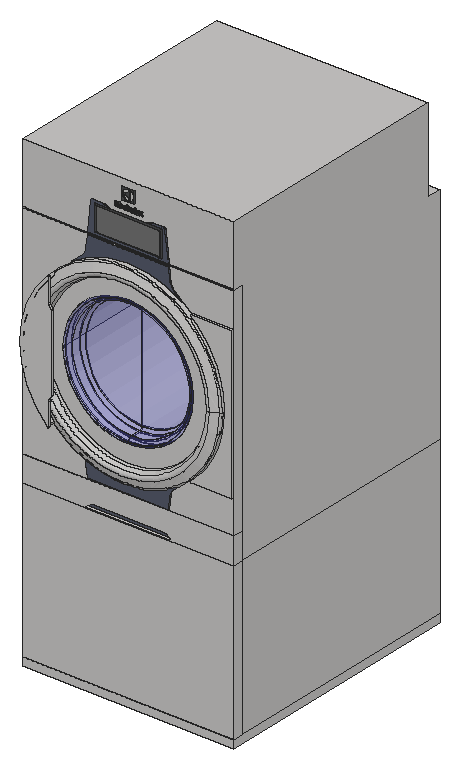
Revit family "QF_ELECTROLUXPROFESSIONAL_1L059Y_TD6-14_G", category Attrezzature speciali, Revit 2021
Family settings
  Quota connettore circolare = Usa diametro
  Tipo di parte = Normale
  Basato su piano di lavoro = No
  Sempre verticale = Sì
  Taglio con vuoti quando caricato = No
  Condiviso = No
  Punto di calcolo locali = No
Parameters (values of type "9873730116")
  Weight = 222
  Watts = 1200 W
  Volts = 230 V
  URL = "www.electroluxprofessional.com"
  Steam Pounds per Hour = 0
  Show Logo [instance] = yes
  Show Clearance [instance] = yes
  Sensible Heat Output = "0.0"
  Prospetto di default = 0 mm
  Produttore = "Electrolux Professional"
  Phase = 1
  Modello = "TD6-14"
  Length Actual = 790 mm
  Latent Heat Output = "0.0"
  Item Number = "1LSNSC"
  Height Actual = 1771 mm
  Gas KW = 13.5
  Descrizione = "TUMBLE DRYER TD6-14 14KG SST DRUM GAS 13,5KW 230/50/1N COMPASS PRO 6L80 EU SILVER DO.RIGHT"
  Depth Actual = 965 mm
  Cycle = 50 Hz
  Corrente [instance] = "5.2"
Types (37, lengths in mm): name | Watts | Volts | Phase | Item Number | Gas KW | Descrizione | Cycle | Corrente
  (no name) | 1200 W | 230 V | 1 | "1LSNSC" | 13.5 | "TUMBLE DRYER TD6-14 14KG SST DRUM GAS 13,5KW 230/50/1N COMPASS PRO 6L80 EU SILVER DO.RIGHT" | 50 Hz | "5.2"
  9873730032 | 1000 W | 400 V | 3 | "1L0EDB" | 13.5 | "TUMBLE DRYER TD6-14 14KG SST DRUM GAS 13,5KW 400/50/3 COMPASS PRO 6G82 EU SILVER DO.RIGHT STOP DISCON." | 50 Hz | "1.4"
  9873730150 | 1000 W | 400 V | 3 | "1LSPA5" | 13.5 | "TUMBLE DRYER TD6-14 14KG SST DRUM GAS 13,5KW 400/50/3N COMPASS PRO 6G81 EU SILVER DO.RIGHT MB STOP DISCON." | 50 Hz | "1.4"
  9873730198 | 1200 W | 220 V | 1 | "1L0H79" | 0 | "TUMBLE DRYER TD6-14 14KG GALVA.DRUM GAS 13,5KW 220/60/1N COMPASS PRO 6L80 EU SILVER DO.LEFT" | 60 Hz | "0.0"
  9873730120 | 1200 W | 240 V | 1 | "1LSNV5" | 13.5 | "TUMBLE DRYER TD6-14 14KG GALVA.DRUM GAS 13,5KW 240/60/1N COMPASS PRO 6G82 EU SILVER DO.RIGHT STOP DISCON." | 60 Hz | "5.0"
  9873730158 | 1000 W | 400 V | 3 | "1L82DG" | 0 | "TUMBLE DRYER TD6-14 14KG GALVA.DRUM GAS 13,5KW 400/50/3N COMPASS PRO 6L80 EU SILVER DO.RIGHT.INS. EXT.PM. 2.I/O" | 50 Hz | "0.0"
  9873730108 | 1000 W | 400 V | 3 | "1LSNPR" | 13.5 | "TUMBLE DRYER TD6-14 14KG GALVA.DRUM GAS 13,5KW 400/50/3 COMPASS PRO 6G82 EU SILVER DO.RIGHT STOP DISCON." | 50 Hz | "1.4"
  9873730069 | 1000 W | 400 V | 3 | "1LSN41" | 13.5 | "TUMBLE DRYER TD6-14 14KG SST DRUM GAS 13,5KW 400/50/3 COMPASS PRO 6L80 EU SILVER DO.RIGHT EXT.PM. DISCON. 2.I/O" | 50 Hz | "1.4"
  9873730155 | 1000 W | 400 V | 3 | "1LSPAA" | 13.5 | "TUMBLE DRYER TD6-14 14KG SST DRUM GAS 13,5KW 400/50/3N COMPASS PRO 6L80 EU SILVER DO.RIGHT EXT.PM. DISCON. 2.I/O" | 50 Hz | "1.4"
  9873730175 | 1000 W | 220 V | 3 | "1L826B" | 13.5 | "TUMBLE DRYER TD6-14 14KG GALVA.DRUM GAS 13,5KW 220/60/3 COMPASS PRO 6G81 EU SILVER DO.LEFT.INS. MB STOP DISCON." | 60 Hz | "2.6"
  9873730115 | 1000 W | 400 V | 3 | "1LSNSB" | 13.5 | "TUMBLE DRYER TD6-14 14KG GALVA.DRUM GAS 13,5KW 400/50/3 COMPASS PRO 6L80 EU SILVER DO.RIGHT" | 50 Hz | "1.4"
  9873730152 | 1000 W | 400 V | 3 | "1LSPA7" | 13.5 | "TUMBLE DRYER TD6-14 14KG GALVA.DRUM GAS 13,5KW 400/50/3N COMPASS PRO 6G81 EU SILVER DO.RIGHT.INS. MB STOP DISCON." | 50 Hz | "1.4"
  9873730014 | 1000 W | 400 V | 3 | "1L0E92" | 13.5 | "TUMBLE DRYER TD6-14 14KG GALVA.DRUM GAS 13,5KW 400/50/3 COMPASS PRO 6G81 EU SILVER DO.RIGHT.INS. MB STOP DISCON." | 50 Hz | "1.4"
  9873730024 | 1000 W | 400 V | 3 | "1LSN2L" | 13.5 | "TUMBLE DRYER TD6-14 14KG GALVA.DRUM GAS 13,5KW 400/50/3 COMPASS PRO 6G81 EU SILVER DO.RIGHT MB STOP DISCON." | 50 Hz | "1.4"
  9873730083 | 1000 W | 400 V | 3 | "1LSN57" | 13.5 | "TUMBLE DRYER TD6-14 14KG GALVA.DRUM GAS 13,5KW 400/50/3N COMPASS PRO 6G81 EU SILVER DO.RIGHT MB STOP DISCON." | 50 Hz | "1.4"
  9873730013 | 1000 W | 400 V | 3 | "1L0E91" | 13.5 | "TUMBLE DRYER TD6-14 14KG GALVA.DRUM GAS 13,5KW 400/50/3 COMPASS PRO 6L80 EU SILVER DO.RIGHT.INS. EXT.PM. 2.I/O" | 50 Hz | "1.4"
  9873730200 | 1000 W | 200 V | 3 | "1L0H7S" | 0 | "TUMBLE DRYER TD6-14 14KG SST DRUM GPL 13,5KW 200/50/3 COMPASS PRO 6G86 JP SILVER DO.RIGHT DISCON." | 50 Hz | "0.0"
  9873730033 | 1000 W | 400 V | 3 | "1L0EDC" | 13.5 | "TUMBLE DRYER TD6-14 14KG SST DRUM GAS 13,5KW 400/50/3 COMPASS PRO 6G81 EU SILVER DO.RIGHT MB STOP DISCON." | 50 Hz | "1.4"
  9873730197 | 1000 W | 200 V | 3 | "1LT5ZE" | 0 | "TUMBLE DRYER TD6-14 14KG SST DRUM GPL 13,5KW 200/60/3 COMPASS PRO 6G86 JP SILVER DO.RIGHT DISCON." | 60 Hz | "0.0"
  9873730107 | 1200 W | 230 V | 1 | "1LSNJN" | 13.5 | "TUMBLE DRYER TD6-14 14KG GALVA.DRUM GAS 13,5KW 230/50/1N COMPASS PRO 6G82 EU SILVER DO.RIGHT STOP DISCON." | 50 Hz | "5.2"
  9873730086 | 1000 W | 400 V | 3 | "1L8216" | 13.5 | "TUMBLE DRYER TD6-14 14KG GALVA.DRUM GAS 13,5KW 400/50/3 COMPASS PRO 6L80 EU SILVER DO.RIGHT EXT.PM. DISCON. 2.I/O" | 50 Hz | "1.4"
  9873730036 | 1000 W | 415 V | 3 | "1L0EDR" | 13.5 | "TUMBLE DRYER TD6-14 14KG GALVA.DRUM GAS 13,5KW 415/50/3N COMPASS PRO 6G82 EU SILVER DO.LEFT STOP DISCON." | 50 Hz | "1.4"
  9873730085 | 1000 W | 400 V | 3 | "1LSN61" | 13.5 | "TUMBLE DRYER TD6-14 14KG GALVA.DRUM GAS 13,5KW 400/50/3N COMPASS PRO 6G81 EU SILVER DO.RIGHT.INS. ELS-NETW. MB STOP DISC" | 50 Hz | "1.4"
  9873730151 | 1000 W | 400 V | 3 | "1LSPA6" | 13.5 | "TUMBLE DRYER TD6-14 14KG SST DRUM GAS 13,5KW 400/50/3N COMPASS PRO 6G82 EU SILVER DO.RIGHT STOP DISCON." | 50 Hz | "1.4"
  9873730055 | 1000 W | 230 V | 1 | "1L80DU" | 13.5 | "TUMBLE DRYER TD6-14 14KG GALVA.DRUM GAS 13,5KW 230/50/1N COMPASS PRO 6G81 EU SILVER DO.RIGHT MB STOP DISCON." | 50 Hz | "5.2"
  9873730121 | 1200 W | 240 V | 1 | "1LSNV6" | 13.5 | "TUMBLE DRYER TD6-14 14KG GALVA.DRUM GAS 13,5KW 240/60/1N COMPASS PRO 6G81 EU SILVER DO.RIGHT MB STOP DISCON." | 60 Hz | "5.0"
  9873730090 | 1200 W | 230 V | 1 | "1LSN8J" | 13.5 | "TUMBLE DRYER TD6-14 14KG GALVA.DRUM GAS 13,5KW 230/50/1N COMPASS PRO 6L80 EU SILVER DO.RIGHT EXT.PM. DISCON. 2.I/O" | 50 Hz | "5.2"
  9873730035 | 1000 W | 415 V | 3 | "1L0EDD" | 13.5 | "TUMBLE DRYER TD6-14 14KG SST DRUM GAS 13,5KW 380-415/50/3N COMPASS PRO 6L80 EU SILVER DO.RIGHT DISCON." | 50 Hz | "1.5"
  9873730189 | 1200 W | 220 V | 1 | "1LSPPU" | 0 | "TUMBLE DRYER TD6-14 14KG GALVA.DRUM GAS 13,5KW 220/60/1N COMPASS PRO 6G82 EU SILVER DO.RIGHT STOP DISCON. EXT.CONN." | 60 Hz | "0.0"
  9873730149 | 1000 W | 400 V | 3 | "1LSPA4" | 13.5 | "TUMBLE DRYER TD6-14 14KG GALVA.DRUM GAS 13,5KW 400/50/3N COMPASS PRO 6G82 EU SILVER DO.RIGHT STOP DISCON." | 50 Hz | "1.4"
  9873730060 | 1200 W | 230 V | 1 | "1L80E4" | 13.5 | "TUMBLE DRYER TD6-14 14KG SST DRUM GAS 13,5KW 230/50/1N COMPASS PRO 6G82 EU SILVER DO.RIGHT STOP DISCON." | 50 Hz | "5.2"
  9873730211 | 1000 W | 400 V | 3 | "1L82DL" | 0 | "TUMBLE DRYER TD6-14 14KG SST DRUM GAS 13,5KW 400/50/3N COMPASS PRO 6G81 EU SST/SILVER DO.RIGHT MB STOP DISCON." | 50 Hz | "0.0"
  9873730196 | 1000 W | 220 V | 3 | "1LSPR0" | 0 | "TUMBLE DRYER TD6-14 14KG GALVA.DRUM GAS 13,5KW 220/60/3 COMPASS PRO 6G82 EU SILVER DO.LEFT STOP DISCON. EXT.CONN." | 60 Hz | "0.0"
  9873730176 | 1000 W | 480 V | 3 | "1L826K" | 13.5 | "TUMBLE DRYER TD6-14 14KG GALVA.DRUM GAS 13,5KW 480/60/3 COMPASS PRO 6G81 EU SILVER DO.LEFT.INS. MB STOP DISCON." | 60 Hz | "1.2"
  9873730183 | 1000 W | 415 V | 3 | "1L0GZ1" | 13.5 | "TUMBLE DRYER TD6-14 14KG SST DRUM GAS 13,5KW 380-415/60/3 COMPASS PRO 6G82 EU SST DO.RIGHT DSC STOP DISCON." | 60 Hz | "1.5"
  9873730087 | 1000 W | 240 V | 1 | "1L0EKZ" | 13.5 | "TUMBLE DRYER TD6-14 14KG GALVA.DRUM GAS 13,5KW 208-240/60/1 COMPASS PRO 6G82 EU SILVER DO.LEFT STOP DISCON." | 60 Hz | "4.8"
  9873730116 | 1200 W | 230 V | 1 | "1LSNSC" | 13.5 | "TUMBLE DRYER TD6-14 14KG SST DRUM GAS 13,5KW 230/50/1N COMPASS PRO 6L80 EU SILVER DO.RIGHT" | 50 Hz | "5.2"
Reference planes
  plane 1: z = 0
  plane 2 "BACK": y = 414.5
  plane 3 "FRONT": y = -549.5
  plane 4 "LEFT": x = -799
  plane 5 "RIGHT": x = -6
  plane 6 "TOP": z = 1771
  plane 7: y = -601.5
  plane 8: y = -1323.5
Forms (mm)
  Extrusion 1, solid, material "QF_Finishes_Stainless Steel"
    sketch origin (718.1, -398.1, 598.796) x (0, 0, -1) y (0, 1, 0)
      loop
        line (-14.704, 812.6) -> (-855.66, 812.6) -> (-855.66, 756.6) -> (-941.204, 756.6) -> (-941.204, -115.453) -> (-14.704, -115.453) -> (-14.704, 812.6)
    from -1517.1 to -724.1
  Extrusion 2, solid, material "QF_Finishes_Stainless Steel"
    sketch origin (718.1, -368.1, 598.796) x (0, 0, -1) y (0, 1, 0)
      loop
        line (568.796, -145.453) -> (568.796, 782.6) -> (-14.704, 782.6) -> (-14.704, -145.453) -> (568.796, -145.453)
    from -1517.1 to -724.1
  Sweep 3, solid, material "QF_Finishes_Black"
    path origin (686.327, -549.5, 1684.42) x (0, 0, -1) y (1, 0, 0)
      loop
        line (131.445, -962.809) -> (32.707, -962.809) -> (32.707, -1214.809) -> (131.445, -1214.809) -> (131.445, -962.809)
    profile origin (-276.482, -549.5, 1602.344) x (-1, 0, 0) y (0, -1, 0)
      loop
        line (5, 0) -> (5, 5)
        arc (5, 5) -> (1.464, 3.536) -> (0, 0) r 5
        line (0, 0) -> (5, 0)
  Extrusion 4, solid, material "QF_Finishes_Dark Grey"
    sketch origin (686.327, -549.5, 1684.42) x (0, 0, -1) y (1, 0, 0)
      loop
        line (126.445, -1209.809) -> (126.445, -967.809) -> (37.707, -967.809) -> (37.707, -1209.809) -> (126.445, -1209.809)
    from 0 to 4
  Extrusion 5, void
    sketch origin (889, -517.06, 1195.994) x (0, 0, -1) y (1, 0, 0)
      loop
        circle (69.994, -1291.5) r 245
    from -451.9 to 33.109
  Extrusion 6, solid, material "QF_Finishes_Stainless Steel"
    sketch origin (718.1, 358.5, 1540) x (0, 0, -1) y (-1, 0, 0)
      loop
        circle (43, 786.1) r 12.7
    from 0 to 5
  Extrusion 7, solid, material "QF_Finishes_Stainless Steel"
    sketch origin (653.455, 414.5, 172.018) x (0, 0, 1) y (1, 0, 0)
      loop
        circle (67.982, -1277.455) r 100
    from 0 to 5
  Extrusion 8, solid, material "QF_Finishes_Stainless Steel"
    sketch origin (-499, 0, 0) x (0, 1, 0) y (0, 0, 1)
      loop
        line (358.5, 1540) -> (358.5, 1771) -> (-549.5, 1771) -> (-549.5, 1541.816)
        arc (-549.5, 1541.816) -> (-548.968, 1540.532) -> (-547.684, 1540) r 1.816
        line (-547.684, 1540) -> (358.5, 1540)
    from -300 to 493
  Extrusion 9, solid, material "QF_Finishes_Stainless Steel"
    sketch origin (0, 0, 1114.3) x (-1, 0, 0) y (0, -1, 0)
      loop
        line (799, -414.5) -> (799, 549.5) -> (6, 549.5) -> (6, -414.5) -> (799, -414.5)
    from -1114.3 to -1084.3
  Extrusion 10, solid, material "QF_Finishes_Stainless Steel"
    sketch origin (-499, -118.96, 0) x (0, 1, 0) y (0, 0, 1)
      loop
        line (-394.593, 1540) -> (-430.54, 1540) -> (-430.54, 713.5) -> (-394.593, 713.5) -> (-394.593, 1540)
    from -300 to 493
  Extrusion 11, solid, material "QF_Finishes_Stainless Steel"
    sketch origin (-499, -118.96, 0) x (0, 1, 0) y (0, 0, 1)
      loop
        line (-430.54, 713.5) -> (-430.54, 613.5) -> (-394.593, 613.5) -> (-394.593, 713.5) -> (-430.54, 713.5)
    from -300 to 493
  Extrusion 12, solid, material "QF_Finishes_Stainless Steel"
    sketch origin (-499, -118.96, 0) x (0, 1, 0) y (0, 0, 1)
      loop
        line (-394.593, 613.5) -> (-430.54, 613.5) -> (-430.54, 30) -> (-394.593, 30) -> (-394.593, 613.5)
    from -300 to 493
  Sweep 13, solid, material "QF_Finishes_Stainless Steel"
    path origin (-409, -549.5, 1444.576) x (0, 0, -1) y (1, 0, 0)
      loop
        circle (318.576, 6.5) r 366.295
    profile origin (-402.5, -549.5, 1492.295) x (0, 0, -1) y (0, -1, 0)
      loop
        line (0, 0) -> (60.401, 0)
        arc (60.401, 0) -> (59.825, 6.814) -> (57.535, 13.257) r 26.651
        line (57.535, 13.257) -> (49.537, 28.994)
        arc (49.537, 28.994) -> (42.511, 35.32) -> (33.058, 35.302) r 13.156
        line (33.058, 35.302) -> (4.309, 24.168)
        arc (4.309, 24.168) -> (1.18, 21.691) -> (0, 17.88) r 6.744
        line (0, 17.88) -> (0, 0)
  Extrusion 14, solid, material "QF_Finishes_Stainless Steel"
    sketch origin (889, -689.525, 1195.994) x (0, 0, -1) y (1, 0, 0)
      loop
        line (353.669, -897.598) -> (-212.997, -897.549) -> (-213.01, -1046.361)
        arc (-213.01, -1046.361) -> (-212.131, -1048.481) -> (-210.011, -1049.36) r 2.999
        line (-210.011, -1049.36) -> (-204.852, -1049.36)
        arc (-204.852, -1049.36) -> (-80.8, -957.683) -> (69.994, -925.205) r 366.295
        arc (69.994, -925.205) -> (220.927, -957.746) -> (345.042, -1049.589) r 366.295
        line (345.042, -1049.589) -> (350.683, -1049.589)
        arc (350.683, -1049.589) -> (352.804, -1048.711) -> (353.682, -1046.59) r 2.999
        line (353.682, -1046.59) -> (353.669, -897.598)
    from -140.025 to -130.025
  Revolve 15, solid, material "QF_Door-Drawer Clearances", visible <- "Show Clearance", detail levels coarse
    sketch origin (889, -601.5, 1195.994) x (0, 0, -1) y (1, 0, 0)
      loop
        circle (69.994, -1291.5) r 366.295
      axis (69.994, -924.023) -> (68.994, -924.023)
    angle from 0 to -90
  Revolve 16, solid, material "QF_Finishes_Glass"
    sketch origin (-402.863, -289.313, 555.02) x (0, 1, 0) y (0, 0, 1)
      loop
        arc (-190.673, 783.338) -> (-195.066, 793.945) -> (-205.673, 798.338) r 15
        line (-205.673, 798.338) -> (-244.95, 798.338)
        arc (-244.95, 798.338) -> (-252.021, 801.267) -> (-254.95, 808.338) r 10
        line (-254.95, 808.338) -> (-254.95, 816.338) -> (-259.95, 816.338) -> (-259.95, 808.338)
        arc (-259.95, 808.338) -> (-255.556, 797.732) -> (-244.95, 793.338) r 15
        line (-244.95, 793.338) -> (-205.673, 793.338)
        arc (-205.673, 793.338) -> (-198.602, 790.409) -> (-195.673, 783.338) r 10
        line (-195.673, 783.338) -> (-195.673, 570.975) -> (-190.673, 570.975) -> (-190.673, 783.338)
      axis (-259.95, 570.975) -> (-190.673, 570.975)
    angle from 0 to 360
  Extrusion 17, solid, material "QF_Finishes_Stainless Steel"
    sketch origin (-529, -549.5, 1444.576) x (0, 0, -1) y (1, 0, 0)
      loop
        arc (176.622, -119.08) -> (174.216, -119.45) -> (172.033, -120.527) r 8
        line (172.033, -120.527) -> (158.099, -130.284)
        arc (158.099, -130.284) -> (155.934, -131.338) -> (153.554, -131.7) r 8
        line (153.554, -131.7) -> (65.736, -131.7)
        arc (65.736, -131.7) -> (63.285, -133.352) -> (63.896, -136.244) r 2.645
        arc (63.896, -136.244) -> (318.617, -239.419) -> (573.315, -136.187) r 365.919
        arc (573.315, -136.187) -> (573.918, -133.331) -> (571.497, -131.7) r 2.612
        line (571.497, -131.7) -> (483.599, -131.7)
        arc (483.599, -131.7) -> (481.193, -131.33) -> (479.01, -130.253) r 8
        line (479.01, -130.253) -> (465.119, -120.527)
        arc (465.119, -120.527) -> (462.936, -119.45) -> (460.53, -119.08) r 8
        line (460.53, -119.08) -> (176.622, -119.08)
    from 47.713 to 52
  Extrusion 18, solid, material "QF_Finishes_Stainless Steel"
    sketch origin (-529, -601.5, 1444.576) x (0, 0, -1) y (1, 0, 0)
      loop
        arc (63.896, -136.244) -> (318.617, -239.419) -> (573.315, -136.187) r 365.919
        line (573.315, -136.187) -> (563.547, -131.7)
        arc (563.547, -131.7) -> (318.584, -229.419) -> (73.616, -131.711) r 355.919
        line (73.616, -131.711) -> (63.896, -136.244)
    from -4.287 to -34.753
  Extrusion 19, void
    sketch origin (-401.334, -549.5, 611.842) x (0, 0, 1) y (1, 0, 0)
      loop
        arc (1.908, -169.725) -> (2.027, -168.962) -> (2.374, -168.272) r 2.499
        line (2.374, -168.272) -> (21.699, -140.672)
        arc (21.699, -140.672) -> (23.335, -137.382) -> (23.898, -133.751) r 11.994
        line (23.898, -133.751) -> (23.897, 130.467)
        arc (23.897, 130.467) -> (23.336, 134.095) -> (21.703, 137.383) r 11.994
        line (21.703, 137.383) -> (2.374, 164.988)
        arc (2.374, 164.988) -> (2.027, 165.678) -> (1.908, 166.441) r 2.499
        line (1.908, 166.441) -> (1.908, -169.725)
    from 0 to 13.427
  Extrusion 20, solid, material "QF_Finishes_Blue"
    sketch origin (-499, -549.5, 893.425) x (0, 0, 1) y (-1, 0, 0)
      loop
        arc (767.274, 37.584) -> (765.819, 41.099) -> (762.304, 42.555) r 4.971
        line (762.304, 42.555) -> (650.575, 54.795) -> (650.575, -247.832) -> (761.659, -235.663)
        arc (761.659, -235.663) -> (765.63, -234.018) -> (767.274, -230.047) r 5.615
        line (767.274, -230.047) -> (767.274, -186.505)
        arc (767.274, -186.505) -> (766.484, -180.953) -> (764.209, -175.828) r 20.351
        line (764.209, -175.828) -> (758.288, -166.304) -> (758.288, -222.518) -> (659.55, -222.518) -> (659.55, 29.482) -> (758.288, 29.482) -> (758.288, -26.732) -> (764.209, -17.208)
        arc (764.209, -17.208) -> (766.483, -12.086) -> (767.274, -6.538) r 20.35
        line (767.274, -6.538) -> (767.274, 37.584)
    from 0 to 1.6
  Extrusion 21, solid, material "QF_Finishes_Blue"
    sketch origin (-499, -549.5, 893.425) x (0, 0, 1) y (-1, 0, 0)
      loop
        arc (594.486, 60.933) -> (579.244, 65.533) -> (566.695, 75.331) r 43.3
        line (566.695, 75.331) -> (532.276, 114.098)
        arc (532.276, 114.098) -> (598.87, -96.026) -> (532.82, -306.322) r 366.295
        line (532.82, -306.322) -> (566.695, -268.167)
        arc (566.695, -268.167) -> (579.244, -258.37) -> (594.486, -253.77) r 43.3
        line (594.486, -253.77) -> (642.075, -248.6) -> (642.075, 55.764) -> (594.486, 60.933)
    from 0 to 1.6
  Extrusion 22, solid, material "QF_Finishes_Blue"
    sketch origin (-499, -549.5, 893.425) x (0, 0, 1) y (-1, 0, 0)
      loop
        line (-129.403, 60.926) -> (-176.925, 55.764) -> (-176.925, -248.6) -> (-129.403, -253.763)
        arc (-129.403, -253.763) -> (-114.123, -258.355) -> (-101.544, -268.169) r 43.3
        line (-101.544, -268.169) -> (-67.671, -306.321)
        arc (-67.671, -306.321) -> (-133.72, -96.026) -> (-67.127, 114.098) r 366.295
        line (-67.127, 114.098) -> (-101.544, 75.332)
        arc (-101.544, 75.332) -> (-114.123, 65.518) -> (-129.403, 60.926) r 43.3
    from 0 to 1.6
  Extrusion 23, solid, material "QF_Finishes_Stainless Steel"
    sketch origin (718.1, 358.5, 1540) x (0, 0, -1) y (-1, 0, 0)
      loop
        circle (43, 834.1) r 12.7
    from 0 to 5
Cuts and joins
  Extrusion 5 cuts Extrusion 1
  Extrusion 5 cuts Extrusion 8
  joined: Extrusion 1, Extrusion 8
  Extrusion 5 cuts Extrusion 10
  Extrusion 19 cuts Extrusion 11
  joined: Sweep 13, Extrusion 14, Extrusion 17, Extrusion 18
Lines and regions (mm)
  Split face 1
    outline origin (-6, -549.5, 1540) x (-1, 0, 0) y (0, 0, -1)
      loop
        circle (396.5, 414) r 305.895
  symbolic lines
    curve 1: line (-6, 414.5, 1771) -> (-799, 414.5, 1771)
    curve 2: line (-799, -549.5, 1771) -> (-6, -549.5, 1771)
    curve 3: line (-6, 414.5, 0) -> (-6, -549.5, 0)
    curve 4: line (-799, 414.5, 0) -> (-799, -549.5, 0)
    curve 6: line (-6, 358.5, 0) -> (-799, 358.5, 0)
  symbolic lines, style "QF_Door-Drawer Clearances", visible <- "Show Clearance"
    curve 5: line (-6, -1323.5, 0) -> (-6, -549.5, 0)
    curve 7: arc (-768.795, -549.5, 0) -> (-549.88, -1096.63, 0) -> (-6, -1323.5, 0) r 761.144
  symbolic lines, style "SpecialityEquipment"
    curve 8: line (-8.549, -559.5, 0) -> (-8.549, -549.5, 0)
    curve 9: line (-160.36, -559.5, 0) -> (-8.549, -559.5, 0)
    curve 10: line (-160.36, -549.5, 0) -> (-160.36, -559.5, 0)
    curve 11: line (-768.419, -601.5, 0) -> (-659.284, -601.5, 0)
    curve 12: line (-659.284, -597.213, 0) -> (-758.419, -597.213, 0)
    curve 13: line (-758.419, -569.602, 0) -> (-758.419, -597.213, 0)
    curve 14: line (-659.284, -597.213, 0) -> (-659.284, -601.5, 0)
    curve 15: line (-768.419, -569.602, 0) -> (-758.419, -569.602, 0)
    curve 16: line (-74.013, -585.689, 0) -> (-758.419, -585.689, 0)
    curve 17: line (-768.419, -569.602, 0) -> (-768.419, -601.5, 0)
    curve 18: line (-40.513, -573.668, 0) -> (-758.419, -573.668, 0)
    curve 19: line (-768.795, -549.5, 0) -> (-768.795, -567.38, 0)
    curve 20: arc (-768.795, -567.38, 0) -> (-768.701, -568.507, 0) -> (-768.419, -569.602, 0) r 6.744
    curve 21: line (-36.205, -559.5, 0) -> (-36.205, -567.38, 0)
    curve 22: line (-40.513, -573.668, 0) -> (-69.262, -584.802, 0)
    curve 23: arc (-36.205, -567.38, 0) -> (-37.385, -571.191, 0) -> (-40.513, -573.668, 0) r 6.744
    curve 24: arc (-74.013, -585.689, 0) -> (-71.597, -585.465, 0) -> (-69.262, -584.802, 0) r 13.156
Dimensions and locks
  plane 4 "LEFT" to plane 5 "RIGHT" = 793 mm
  plane 2 "BACK" to plane 3 "FRONT" = 964 mm
  plane 6 "TOP" to level = 1771 mm
  Extrusion 2 to Extrusion 2 = 583.5 mm
  Extrusion 6 sketch curve to plane 6 "TOP" = 274 mm
  plane 5 "RIGHT" to Extrusion 6 sketch curve = 62 mm
  Extrusion 23 sketch curve to plane 6 "TOP" = 274 mm
  plane 5 "RIGHT" to Extrusion 23 sketch curve = 110 mm
  level to Extrusion 7 sketch curve = 240 mm
  Extrusion 7 sketch curve to plane 4 "LEFT" = 175 mm
  plane 2 "BACK" to plane 7 = 1016 mm
  plane 2 "BACK" to plane 8 = 1738 mm
  aligned and locked: level to plane 1
  aligned and locked: Extrusion 1 to plane 4 "LEFT"
  aligned and locked: plane 5 "RIGHT" to Extrusion 1
  aligned and locked: Extrusion 2 to plane 4 "LEFT"
  aligned and locked: plane 5 "RIGHT" to Extrusion 2
  aligned and locked: plane 5 "RIGHT" to Extrusion 8
  aligned and locked: Extrusion 8 to plane 4 "LEFT"
  aligned and locked: plane 5 "RIGHT" to Extrusion 12
  aligned and locked: Extrusion 12 to plane 4 "LEFT"
  aligned and locked: Extrusion 11 to plane 4 "LEFT"
  aligned and locked: plane 5 "RIGHT" to Extrusion 11
  aligned and locked: Extrusion 10 to plane 4 "LEFT"
  aligned and locked: plane 5 "RIGHT" to Extrusion 10
  aligned and locked: Extrusion 18 to Extrusion 17
  aligned and locked: plane 2 "BACK" to Extrusion 2
Nested families
  nested 1: "ELX_Logo_S_New" at (-415.511, -549.5, 1674.59) x (1, 0, 0) z (0, -1, 0), visible <- "Show Logo", type "ELX_Logo_S_New"
    with Material QF_Finishes_Black
  nested 2: "ELX_Logo_Symbol_S" at (-394.886, -549.5, 1729.274) x (-1, 0, 0) z (0, -1, 0), visible <- "Show Logo", type "ELX_Logo_Symbol_S"
    with Material QF_Finishes_Black
Connectors
  piping at (-624, 419.5, 240), diameter 200
    settings: on Extrusion 7, index 3, connector inside diameter 609.6 mm, connector length 0 mm, flow factor 0, pipe flow 0.0 L/s, pressure drop 0.0 Pa, fitting loss kfactor 0, connector angle 0.00°, fixture units 0, engagement length 0 mm, angle of deflection 0.00°, flow configuration 1, flow direction 2, fitting loss method 0, system type 7, joint type 0, gender type 0, connector reference index -1, connector utility 0, adjustable connector no, is connector primary yes, connector description "Exhaust Connection"
  electrical at (-68, 363.5, 1497)
    settings: on Extrusion 6, index 4, voltage 0 V, apparent load 0 VA, apparent load phase1 0 VA, apparent load phase2 0 VA, apparent load phase3 0 VA, power factor 1, load classification "Other", number of poles 1, system type 30, power factor state 1, is connector primary yes, connector utility no, sub classification motor no, connector description "Electrical Connection"
  piping at (-116, 363.5, 1497), diameter 25.4
    settings: on Extrusion 23, index 5, connector inside diameter 609.6 mm, connector length 0 mm, flow factor 0, pipe flow 0.0 L/s, pressure drop 0.0 Pa, fitting loss kfactor 0, connector angle 0.00°, fixture units 0, engagement length 0 mm, angle of deflection 0.00°, flow configuration 1, flow direction 1, fitting loss method 0, system type 7, joint type 0, gender type 0, connector reference index -1, connector utility 0, adjustable connector no, is connector primary no, connector description "Gas Connection"
Definition of nested family "ELX_Logo_S_New"
  Parameters
    Material [instance] = none
    Default Elevation = 0 mm
  Reference planes
    plane 1 "Centro (Fronte/Retro)": y = 0
    plane 2: z = 0
    plane 3 "Centro (Sinistra/Destra)": x = 0
  Forms (mm)
    Extrusion 1, solid
      sketch origin (0, 0, 0) x (1, 0, 0) y (0, 1, 0)
        loop
          line (-1219.2, 1219.2) -> (-1219.2, -1219.2) -> (1219.2, -1219.2) -> (1219.2, 1219.2) -> (-1219.2, 1219.2)
      from 0 to -304.8
    Extrusion 2, solid, material <- "Material"
      sketch origin (0, 0, 0) x (1, 0, 0) y (0, 1, 0)
        loop
          spline (-31.006, -2.781) -> (-31.24, -2.771) -> (-31.49, -2.739) -> (-31.748, -2.68) -> (-32.009, -2.591) -> (-32.264, -2.469) -> (-32.508, -2.308) -> (-32.732, -2.105) -> (-32.932, -1.857) -> (-33.099, -1.559) -> (-33.226, -1.207) -> (-33.308, -0.798) -> (-33.337, -0.327)
          line (-33.337, -0.327) -> (-33.337, 1.761) -> (-26.444, 1.761) -> (-26.444, 4.423) -> (-33.338, 4.423) -> (-33.338, 8.299) -> (-26.005, 8.299) -> (-26.005, 10.954) -> (-36.159, 10.954) -> (-36.159, -0.206)
          spline (-36.159, -0.206) -> (-36.134, -0.893) -> (-36.057, -1.54) -> (-35.927, -2.145) -> (-35.743, -2.707) -> (-35.503, -3.222) -> (-35.206, -3.689) -> (-34.85, -4.106) -> (-34.433, -4.47) -> (-33.955, -4.779) -> (-33.414, -5.031) -> (-32.809, -5.223) -> (-32.137, -5.354)
          line (-32.137, -5.354) -> (-31.029, -5.433) -> (-25.809, -5.433) -> (-25.809, -2.781) -> (-31.006, -2.781)
        loop
          line (-23.804, 3.211) -> (-23.804, -5.437) -> (-20.982, -5.437) -> (-20.982, 10.958) -> (-23.804, 10.958) -> (-23.804, 3.211)
        loop
          spline (-7.052, -0.2) -> (-7.034, 0.688) -> (-7.119, 1.546) -> (-7.304, 2.368) -> (-7.586, 3.144) -> (-7.962, 3.868) -> (-8.426, 4.531) -> (-8.977, 5.126) -> (-9.61, 5.644) -> (-10.321, 6.077) -> (-11.107, 6.419) -> (-11.964, 6.66) -> (-12.889, 6.793)
          spline (-12.889, 6.793) -> (-13.767, 6.742) -> (-14.602, 6.592) -> (-15.387, 6.346) -> (-16.116, 6.008) -> (-16.782, 5.583) -> (-17.379, 5.073) -> (-17.902, 4.483) -> (-18.343, 3.816) -> (-18.697, 3.077) -> (-18.958, 2.269) -> (-19.119, 1.395) -> (-19.174, 0.46)
          spline (-19.174, 0.46) -> (-19.121, -0.452) -> (-18.964, -1.304) -> (-18.71, -2.094) -> (-18.362, -2.816) -> (-17.926, -3.468) -> (-17.406, -4.045) -> (-16.808, -4.544) -> (-16.137, -4.96) -> (-15.397, -5.291) -> (-14.594, -5.532) -> (-13.733, -5.679) -> (-12.817, -5.729)
          spline (-12.817, -5.729) -> (-12.371, -5.719) -> (-11.93, -5.685) -> (-11.493, -5.626) -> (-11.062, -5.54) -> (-10.636, -5.425) -> (-10.216, -5.277) -> (-9.8, -5.096) -> (-9.391, -4.879) -> (-8.987, -4.623) -> (-8.588, -4.326) -> (-8.196, -3.987) -> (-7.809, -3.603)
          line (-7.809, -3.603) -> (-9.51, -1.949)
          spline (-9.51, -1.949) -> (-9.734, -2.164) -> (-9.959, -2.362) -> (-10.188, -2.542) -> (-10.422, -2.703) -> (-10.662, -2.846) -> (-10.913, -2.971) -> (-11.174, -3.077) -> (-11.449, -3.163) -> (-11.739, -3.231) -> (-12.047, -3.28) -> (-12.374, -3.309) -> (-12.723, -3.319)
          spline (-12.723, -3.319) -> (-13.234, -3.294) -> (-13.713, -3.219) -> (-14.158, -3.098) -> (-14.568, -2.931) -> (-14.94, -2.72) -> (-15.272, -2.469) -> (-15.562, -2.177) -> (-15.809, -1.849) -> (-16.009, -1.485) -> (-16.162, -1.088) -> (-16.264, -0.659) -> (-16.314, -0.2)
          line (-16.314, -0.2) -> (-7.052, -0.2)
        loop
          spline (-9.888, 1.784) -> (-9.915, 2.133) -> (-9.995, 2.469) -> (-10.124, 2.788) -> (-10.298, 3.088) -> (-10.514, 3.365) -> (-10.768, 3.615) -> (-11.056, 3.836) -> (-11.376, 4.024) -> (-11.722, 4.176) -> (-12.092, 4.289) -> (-12.482, 4.359) -> (-12.889, 4.383)
          spline (-12.889, 4.383) -> (-13.325, 4.36) -> (-13.744, 4.291) -> (-14.144, 4.18) -> (-14.52, 4.03) -> (-14.868, 3.844) -> (-15.186, 3.624) -> (-15.469, 3.375) -> (-15.715, 3.099) -> (-15.919, 2.798) -> (-16.077, 2.477) -> (-16.186, 2.138) -> (-16.243, 1.784)
          line (-16.243, 1.784) -> (-9.888, 1.784)
        loop
          spline (-2.737, 0.532) -> (-2.704, 1.057) -> (-2.61, 1.555) -> (-2.457, 2.022) -> (-2.249, 2.455) -> (-1.991, 2.851) -> (-1.685, 3.205) -> (-1.336, 3.514) -> (-0.948, 3.775) -> (-0.524, 3.984) -> (-0.067, 4.138) -> (0.417, 4.233) -> (0.926, 4.265)
          spline (0.926, 4.265) -> (1.238, 4.255) -> (1.537, 4.226) -> (1.824, 4.178) -> (2.098, 4.112) -> (2.362, 4.027) -> (2.615, 3.925) -> (2.858, 3.806) -> (3.093, 3.67) -> (3.318, 3.518) -> (3.536, 3.349) -> (3.746, 3.165) -> (3.95, 2.966)
          line (3.95, 2.966) -> (5.699, 4.785)
          spline (5.699, 4.785) -> (5.351, 5.133) -> (4.992, 5.446) -> (4.624, 5.724) -> (4.246, 5.969) -> (3.859, 6.181) -> (3.463, 6.362) -> (3.059, 6.512) -> (2.646, 6.633) -> (2.226, 6.725) -> (1.8, 6.79) -> (1.366, 6.828) -> (0.926, 6.841)
          spline (0.926, 6.841) -> (0.044, 6.786) -> (-0.801, 6.626) -> (-1.601, 6.367) -> (-2.349, 6.014) -> (-3.037, 5.573) -> (-3.658, 5.051) -> (-4.204, 4.453) -> (-4.668, 3.785) -> (-5.041, 3.053) -> (-5.318, 2.263) -> (-5.489, 1.421) -> (-5.548, 0.532)
          spline (-5.548, 0.532) -> (-5.489, -0.357) -> (-5.318, -1.199) -> (-5.041, -1.989) -> (-4.668, -2.721) -> (-4.204, -3.389) -> (-3.658, -3.987) -> (-3.037, -4.509) -> (-2.349, -4.95) -> (-1.601, -5.303) -> (-0.801, -5.562) -> (0.044, -5.722) -> (0.926, -5.777)
          spline (0.926, -5.777) -> (1.366, -5.764) -> (1.8, -5.726) -> (2.226, -5.662) -> (2.646, -5.569) -> (3.059, -5.449) -> (3.463, -5.298) -> (3.859, -5.117) -> (4.246, -4.905) -> (4.624, -4.66) -> (4.992, -4.382) -> (5.351, -4.069) -> (5.699, -3.721)
          line (5.699, -3.721) -> (3.95, -1.902)
          spline (3.95, -1.902) -> (3.746, -2.101) -> (3.536, -2.285) -> (3.318, -2.453) -> (3.093, -2.606) -> (2.858, -2.742) -> (2.615, -2.861) -> (2.362, -2.964) -> (2.098, -3.048) -> (1.824, -3.114) -> (1.537, -3.162) -> (1.238, -3.191) -> (0.926, -3.201)
          spline (0.926, -3.201) -> (0.417, -3.169) -> (-0.067, -3.074) -> (-0.524, -2.92) -> (-0.948, -2.711) -> (-1.336, -2.45) -> (-1.685, -2.141) -> (-1.991, -1.787) -> (-2.249, -1.391) -> (-2.457, -0.958) -> (-2.61, -0.491) -> (-2.704, 0.007) -> (-2.737, 0.532)
        loop
          spline (12.895, -2.785) -> (12.646, -2.789) -> (12.379, -2.77) -> (12.102, -2.724) -> (11.82, -2.646) -> (11.542, -2.531) -> (11.274, -2.376) -> (11.024, -2.175) -> (10.797, -1.924) -> (10.602, -1.618) -> (10.445, -1.253) -> (10.334, -0.824) -> (10.275, -0.327)
          line (10.275, -0.327) -> (10.275, 3.855) -> (12.842, 3.855) -> (12.842, 6.419) -> (10.278, 6.419) -> (10.278, 10.958) -> (7.456, 10.958) -> (7.456, -0.488)
          spline (7.456, -0.488) -> (7.516, -1.152) -> (7.626, -1.776) -> (7.785, -2.359) -> (7.996, -2.899) -> (8.26, -3.392) -> (8.577, -3.837) -> (8.951, -4.232) -> (9.38, -4.575) -> (9.868, -4.864) -> (10.415, -5.096) -> (11.023, -5.27) -> (11.693, -5.383)
          line (11.693, -5.383) -> (12.885, -5.437) -> (12.895, -2.785)
        loop
          spline (22.391, 6.583) -> (21.903, 6.613) -> (21.433, 6.605) -> (20.982, 6.558) -> (20.553, 6.476) -> (20.145, 6.358) -> (19.76, 6.207) -> (19.401, 6.022) -> (19.067, 5.807) -> (18.76, 5.561) -> (18.482, 5.286) -> (18.234, 4.984) -> (18.016, 4.655)
          line (18.016, 4.655) -> (18.016, 6.418) -> (15.217, 6.418) -> (15.217, -5.437) -> (18.016, -5.437) -> (18.016, 0.797)
          spline (18.016, 0.797) -> (18.042, 1.269) -> (18.118, 1.71) -> (18.242, 2.117) -> (18.412, 2.488) -> (18.627, 2.822) -> (18.884, 3.117) -> (19.182, 3.371) -> (19.518, 3.583) -> (19.892, 3.751) -> (20.3, 3.873) -> (20.742, 3.947) -> (21.215, 3.972)
          line (21.215, 3.972) -> (22.391, 3.855) -> (22.391, 6.583)
        loop
          spline (35.761, 0.49) -> (35.702, 1.36) -> (35.53, 2.189) -> (35.253, 2.971) -> (34.878, 3.698) -> (34.414, 4.364) -> (33.867, 4.963) -> (33.246, 5.488) -> (32.558, 5.932) -> (31.811, 6.289) -> (31.013, 6.552) -> (30.171, 6.715) -> (29.293, 6.771)
          spline (29.293, 6.771) -> (28.409, 6.715) -> (27.564, 6.552) -> (26.763, 6.289) -> (26.016, 5.932) -> (25.328, 5.488) -> (24.708, 4.963) -> (24.163, 4.364) -> (23.701, 3.698) -> (23.328, 2.971) -> (23.053, 2.189) -> (22.882, 1.36) -> (22.823, 0.49)
          spline (22.823, 0.49) -> (22.882, -0.379) -> (23.053, -1.208) -> (23.328, -1.989) -> (23.701, -2.716) -> (24.163, -3.382) -> (24.708, -3.981) -> (25.328, -4.506) -> (26.016, -4.951) -> (26.763, -5.308) -> (27.564, -5.571) -> (28.409, -5.734) -> (29.293, -5.79)
          spline (29.293, -5.79) -> (30.171, -5.734) -> (31.013, -5.571) -> (31.811, -5.308) -> (32.558, -4.951) -> (33.246, -4.506) -> (33.867, -3.981) -> (34.414, -3.382) -> (34.878, -2.716) -> (35.253, -1.989) -> (35.53, -1.208) -> (35.702, -0.379) -> (35.761, 0.49)
        loop
          spline (32.961, 0.49) -> (32.929, 1.004) -> (32.833, 1.493) -> (32.679, 1.955) -> (32.47, 2.385) -> (32.21, 2.779) -> (31.903, 3.134) -> (31.553, 3.445) -> (31.164, 3.709) -> (30.739, 3.921) -> (30.283, 4.077) -> (29.8, 4.174) -> (29.293, 4.207)
          spline (29.293, 4.207) -> (28.781, 4.174) -> (28.294, 4.077) -> (27.836, 3.921) -> (27.411, 3.709) -> (27.022, 3.445) -> (26.673, 3.134) -> (26.368, 2.779) -> (26.11, 2.385) -> (25.903, 1.955) -> (25.75, 1.493) -> (25.656, 1.004) -> (25.624, 0.49)
          spline (25.624, 0.49) -> (25.656, -0.022) -> (25.75, -0.512) -> (25.903, -0.973) -> (26.11, -1.403) -> (26.368, -1.798) -> (26.673, -2.153) -> (27.022, -2.464) -> (27.411, -2.728) -> (27.836, -2.94) -> (28.294, -3.096) -> (28.781, -3.193) -> (29.293, -3.226)
          spline (29.293, -3.226) -> (29.8, -3.193) -> (30.283, -3.096) -> (30.739, -2.94) -> (31.164, -2.728) -> (31.553, -2.464) -> (31.903, -2.153) -> (32.21, -1.798) -> (32.47, -1.403) -> (32.679, -0.973) -> (32.833, -0.512) -> (32.929, -0.022) -> (32.961, 0.49)
        loop
          line (37.497, 3.493) -> (37.497, -5.437) -> (40.321, -5.437) -> (40.321, 10.958) -> (37.497, 10.958) -> (37.497, 3.493)
        loop
          line (50.501, 6.418) -> (50.501, -0.473)
          spline (50.501, -0.473) -> (50.478, -0.921) -> (50.412, -1.325) -> (50.305, -1.686) -> (50.159, -2.005) -> (49.978, -2.282) -> (49.763, -2.52) -> (49.517, -2.718) -> (49.243, -2.878) -> (48.943, -3.001) -> (48.619, -3.087) -> (48.275, -3.139) -> (47.913, -3.155)
          spline (47.913, -3.155) -> (47.55, -3.139) -> (47.206, -3.088) -> (46.883, -3.001) -> (46.583, -2.879) -> (46.309, -2.72) -> (46.063, -2.523) -> (45.849, -2.287) -> (45.667, -2.012) -> (45.522, -1.696) -> (45.414, -1.339) -> (45.348, -0.94) -> (45.326, -0.498)
          line (45.326, -0.498) -> (45.326, 6.418) -> (42.479, 6.418) -> (42.479, -0.733)
          spline (42.479, -0.733) -> (42.53, -1.543) -> (42.676, -2.28) -> (42.911, -2.945) -> (43.228, -3.537) -> (43.621, -4.058) -> (44.082, -4.508) -> (44.604, -4.888) -> (45.18, -5.197) -> (45.804, -5.437) -> (46.468, -5.607) -> (47.165, -5.709) -> (47.89, -5.743)
          spline (47.89, -5.743) -> (48.62, -5.709) -> (49.323, -5.605) -> (49.993, -5.432) -> (50.621, -5.189) -> (51.203, -4.875) -> (51.729, -4.491) -> (52.194, -4.034) -> (52.59, -3.506) -> (52.91, -2.905) -> (53.147, -2.231) -> (53.295, -1.484) -> (53.346, -0.662)
          line (53.346, -0.662) -> (53.346, 6.418) -> (50.501, 6.418)
        loop
          line (64.026, -1.646) -> (62.246, 0.843) -> (64.45, 3.846) -> (66.338, 6.418) -> (63.257, 6.418) -> (60.692, 2.866) -> (58.105, 6.418) -> (55.047, 6.418) -> (56.801, 4.02) -> (59.14, 0.82) -> (56.689, -2.595) -> (54.647, -5.437) -> (57.682, -5.437) -> (60.692, -1.25) -> (63.703, -5.437) -> (66.738, -5.437) -> (64.026, -1.646)
      from 0 to 1.644
  Dimensions and locks
    aligned and locked: plane 2 to Extrusion 1
    aligned and locked: level to Extrusion 1
Definition of nested family "ELX_Logo_Symbol_S"
  Parameters
    Material [instance] = none
    Default Elevation = 0 mm
  Reference planes
    plane 1 "Centro (Fronte/Retro)": y = 0
    plane 2: z = 0
    plane 3 "Centro (Sinistra/Destra)": x = 0
  Forms (mm)
    Extrusion 1, solid
      sketch origin (0, 0, 0) x (1, 0, 0) y (0, 1, 0)
        loop
          line (-1219.2, 1219.2) -> (-1219.2, -1219.2) -> (1219.2, -1219.2) -> (1219.2, 1219.2) -> (-1219.2, 1219.2)
      from 0 to -304.8
    Extrusion 2, solid, material <- "Material"
      sketch origin (94.462, 558.781, 0) x (1, 0, 0) y (0, 1, 0)
        loop
          line (-92.971, -571.574) -> (-92.971, -531.14)
          arc (-92.971, -531.14) -> (-107.917, -551.357) -> (-92.971, -571.574) r 21.146
        loop
          arc (-90.914, -571.574) -> (-74.098, -567.752) -> (-65.997, -552.529) r 20.723
          line (-65.997, -552.529) -> (-72.686, -552.529)
          arc (-72.686, -552.529) -> (-84.636, -557.38) -> (-90.914, -568.646) r 19.424
          line (-90.914, -568.646) -> (-90.914, -571.574)
        loop
          arc (-90.914, -534.068) -> (-84.636, -545.334) -> (-72.686, -550.185) r 19.424
          line (-72.686, -550.185) -> (-65.997, -550.185)
          arc (-65.997, -550.185) -> (-74.085, -534.837) -> (-90.914, -530.621) r 21.265
          line (-90.914, -530.621) -> (-90.914, -534.068)
        loop
          line (-64.462, -573.781) -> (-64.462, -528.842) -> (-109.462, -528.842) -> (-109.462, -573.781) -> (-64.462, -573.781)
      from 0 to 1.644
  Dimensions and locks
    aligned and locked: plane 2 to Extrusion 1
    aligned and locked: level to Extrusion 1
